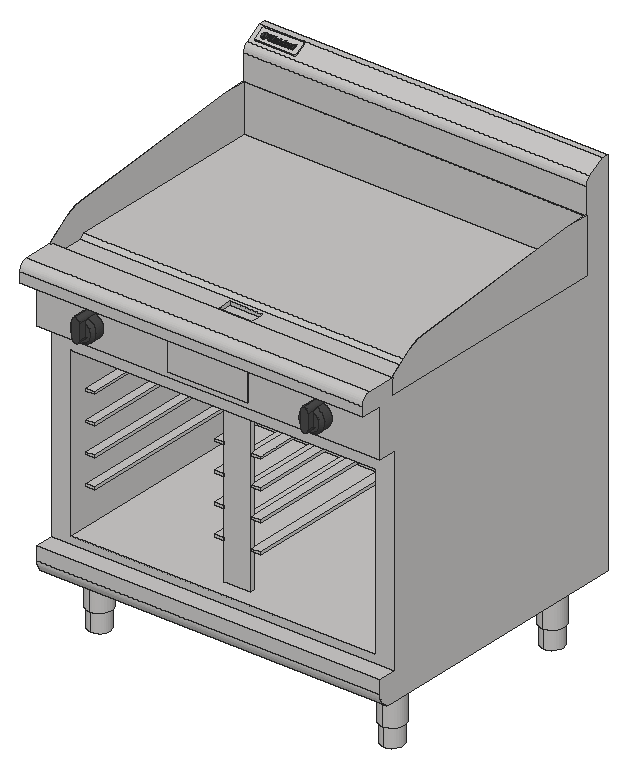
Revit family "QF_MOFFAT WALDORF_GP8900E-CB", category Specialty Equipment, Revit 2012
Parameters
  Weight in Pounds = 348.33  # constant formula
  Width [instance] = 900.00 mm  # constant formula
  Watts = 12000 W
  Volts = 415 V
  URL Cutsheet = "www.moffat.com"
  URL = "www.moffat.com"
  Type Mark [instance] = ""
  Status [instance] = ""
  Specification by User [instance] = ""
  Specification by Manufacturer = ""
  Show Logo [instance] = yes
  Show Casters [instance] = no
  Serial Number = ""
  Seismic Rating = ""
  SMACNA No = ""
  Revision Code [instance] = ""
  Phase = 3
  Omniclass Number and Title = ""
  Number of Poles = 1
  NAFEM Spec ID Number = ""
  Model = "GP8900E-CB"
  Min Ckt Ampacity = 0 A
  Max Overcurrent Protection = 0 A
  Masterspec = ""
  Manufacturer = "MOFFAT WALDORF"
  Legs [instance] = not(Show Casters)  # yes
  Item Number [instance] = ""
  Installed By [instance] = ""
  Identify Quantity as Lot [instance] = yes
  Height = 1130.00 mm  # constant formula
  HP = ""
  Furnished By [instance] = ""
  Foodservice Equipment Identifier [instance] = yes
  FL Amps = 16.6 A
  Elec Conn RI Height = 0.00 mm
  Elec Conn Connection Height = 0.00 mm
  Description = "GRIDDLE PLATE ELECTRIC ON CABINET BASE"
  Depth [instance] = 805.00 mm  # constant formula
  Cycle = 50 Hz
  Conn Plug = ""
  Conn Conduit = yes
  CSI MasterFormat = ""
  CSI Master Format = ""
  Back Splash [instance] = 215.00 mm  # constant formula
  Apparent Power = if(Phase = 3, Volts * FL Amps * 1.73, Volts * FL Amps)  # 11918 VA
Reference planes
  plane 1 "BACK": y = 0
  plane 2: z = 0
  plane 3 "LEFT": x = 0
  plane 4 "RIGHT": x = 900
  plane 5 "FRONT": y = -805
  plane 6 "TOP": z = 1130
  plane 7 "Center Y": x = 450
  plane 8 "Center X": y = -402.5
  plane 9 "Base Height": z = 150
  plane 10: z = 915
  plane 11: x = 65
  plane 12: x = 834
  plane 13: y = -625
  plane 14: y = -100
  plane 15: x = 770
  plane 16: y = -32
  plane 17: z = 710
Forms (mm)
  Extrusion 1, solid, material "QF_Finishes_Stainless Steel"
    sketch origin (0, 0, 0) x (0, 1, 0) y (0, 0, 1)
      loop
        line (-749, 222.5) -> (-749, 188)
        arc (-749, 188) -> (-737.87, 161.13) -> (-711, 150) r 38
        line (-711, 150) -> (-699, 150) -> (-699, 222.5) -> (-749, 222.5)
      loop
        line (-805, 891) -> (-805, 866) -> (-749, 866) -> (-749, 740) -> (-100, 740) -> (-100, 150) -> (0, 150) -> (0, 1130) -> (-16.5, 1130) -> (-58, 1106.04)
        arc (-58, 1106.04) -> (-66.785, 1097.255) -> (-70, 1085.255) r 24
        line (-70, 1085.255) -> (-70, 875) -> (-705, 875) -> (-705, 915) -> (-781, 915)
        arc (-781, 915) -> (-797.971, 907.971) -> (-805, 891) r 24
    from 0 to 900
  Revolve 2, solid, material "QF_Finishes_Stainless Steel", visible <- "Legs"
    sketch origin (834, -210, 0) x (0, 1, 0) y (0, 0, -1)
      loop
        line (78.25, -150) -> (110, -150) -> (110, 0) -> (82.5, 0) -> (82.5, -50) -> (78.25, -50) -> (78.25, -150)
      axis (110, -150) -> (110, 0)
    angle from 0 to 360
  Revolve 3, solid, material "QF_Finishes_Stainless Steel"
    sketch origin (834, -735, 0) x (0, 1, 0) y (0, 0, -1)
      loop
        line (78.25, -150) -> (110, -150) -> (110, 0) -> (82.5, 0) -> (82.5, -50) -> (78.25, -50) -> (78.25, -150)
      axis (110, -150) -> (110, 0)
    angle from 0 to 360
  Revolve 4, solid, material "QF_Finishes_Stainless Steel", visible <- "Legs"
    sketch origin (65, -210, 0) x (0, 1, 0) y (0, 0, -1)
      loop
        line (78.25, -150) -> (110, -150) -> (110, 0) -> (82.5, 0) -> (82.5, -50) -> (78.25, -50) -> (78.25, -150)
      axis (110, -150) -> (110, 0)
    angle from 0 to 360
  Revolve 5, solid, material "QF_Finishes_Stainless Steel"
    sketch origin (65, -735, 0) x (0, 1, 0) y (0, 0, -1)
      loop
        line (78.25, -150) -> (110, -150) -> (110, 0) -> (82.5, 0) -> (82.5, -50) -> (78.25, -50) -> (78.25, -150)
      axis (110, -150) -> (110, 0)
    angle from 0 to 360
  Revolve 6, solid, material "QF_Finishes_Black"
    sketch origin (150, 0, 602.373) x (0, 1, 0) y (0, 0, -1)
      loop
        line (-782, -229.5) -> (-759, -229.5) -> (-759, -202) -> (-749, -202) -> (-749, -197) -> (-793, -197) -> (-793, -223.651) -> (-782, -229.5)
      axis (-793, -197) -> (-749, -197)
    angle from 0 to 360
  Extrusion 7, solid, material "QF_Finishes_Black"
    sketch origin (288.27, 0, 602.531) x (-1, 0, 0) y (0, 0, -1)
      loop
        arc (148.269, -184.969) -> (138.269, -174.969) -> (128.269, -184.969) r 10
        line (128.269, -184.969) -> (128.269, -223.969)
        arc (128.269, -223.969) -> (138.269, -233.969) -> (148.269, -223.969) r 10
        line (148.269, -223.969) -> (148.269, -184.969)
    from 759 to 808
  Extrusion 8, solid, material "QF_Finishes_Stainless Steel"
    sketch origin (-295, -749, 866) x (0, 0, -1) y (1, 0, 0)
      loop
        line (24, 640) -> (111, 640) -> (111, 850) -> (24, 850) -> (24, 640)
    from 0 to 2.5
  Extrusion 9, solid, material "QF_Finishes_Stainless Steel"
    sketch origin (-295, -751.5, 866) x (0, 0, -1) y (1, 0, 0)
      loop
        line (31, 850) -> (24, 850) -> (24, 640) -> (31, 640) -> (31, 850)
    from 0 to 5
  Extrusion 10, solid, material "QF_Finishes_Stainless Steel"
    sketch origin (0, 0, 740) x (0, -1, 0) y (-1, 0, 0)
      loop
        circle (32, -770) r 10
    from 0 to 30
  Revolve 11, solid, material "QF_Finishes_Black"
    sketch origin (750, 0, 602.373) x (0, 1, 0) y (0, 0, 1)
      loop
        line (-782, 229.5) -> (-793, 223.651) -> (-793, 197) -> (-749, 197) -> (-749, 202) -> (-759, 202) -> (-759, 229.5) -> (-782, 229.5)
      axis (-793, 197) -> (-749, 197)
    angle from 0 to 360
  Extrusion 12, solid, material "QF_Finishes_Black"
    sketch origin (611.73, 0, 602.531) x (1, 0, 0) y (0, 0, 1)
      loop
        line (148.269, 184.969) -> (148.269, 223.969)
        arc (148.269, 223.969) -> (138.269, 233.969) -> (128.269, 223.969) r 10
        line (128.269, 223.969) -> (128.269, 184.969)
        arc (128.269, 184.969) -> (138.269, 174.969) -> (148.269, 184.969) r 10
    from 759 to 808
  Extrusion 13, solid, material "QF_Finishes_Stainless Steel"
    sketch origin (0, -100, 866) x (0, 0, 1) y (-1, 0, 0)
      loop
        line (-126, 0) -> (-716, 0) -> (-716, -900) -> (-126, -900) -> (-126, 0)
      loop
        line (-186, -50) -> (-623.5, -50) -> (-623.5, -850) -> (-186, -850) -> (-186, -50)
    from 0 to 599
  Extrusion 14, solid, material "QF_Finishes_Stainless Steel"
    sketch origin (0, -100, 866) x (0, 0, 1) y (-1, 0, 0)
      loop
        line (-186, -485.5) -> (-186, -414.5) -> (-623.5, -414.5) -> (-623.5, -485.5) -> (-186, -485.5)
    from 543.302 to 553.302
  Extrusion 15, solid, material "QF_Finishes_Stainless Steel"
    sketch origin (0, -100, 866) x (0, 0, 1) y (-1, 0, 0)
      loop
        line (-377.25, -414.5) -> (-370.9, -414.5) -> (-370.9, -389.5) -> (-377.25, -389.5) -> (-377.25, -414.5)
      loop
        line (-452.25, -414.5) -> (-445.9, -414.5) -> (-445.9, -389.5) -> (-452.25, -389.5) -> (-452.25, -414.5)
      loop
        line (-452.25, -50) -> (-452.25, -75) -> (-445.9, -75) -> (-445.9, -50) -> (-452.25, -50)
      loop
        line (-370.9, -75) -> (-370.9, -50) -> (-377.25, -50) -> (-377.25, -75) -> (-370.9, -75)
      loop
        line (-527.25, -414.5) -> (-520.9, -414.5) -> (-520.9, -389.5) -> (-527.25, -389.5) -> (-527.25, -414.5)
      loop
        line (-527.25, -50) -> (-527.25, -75) -> (-520.9, -75) -> (-520.9, -50) -> (-527.25, -50)
      loop
        line (-302.25, -414.5) -> (-295.9, -414.5) -> (-295.9, -389.5) -> (-302.25, -389.5) -> (-302.25, -414.5)
      loop
        line (-295.9, -75) -> (-295.9, -50) -> (-302.25, -50) -> (-302.25, -75) -> (-295.9, -75)
      loop
        line (-377.25, -485.5) -> (-377.25, -510.5) -> (-370.9, -510.5) -> (-370.9, -485.5) -> (-377.25, -485.5)
      loop
        line (-452.25, -485.5) -> (-452.25, -510.5) -> (-445.9, -510.5) -> (-445.9, -485.5) -> (-452.25, -485.5)
      loop
        line (-452.25, -850) -> (-445.9, -850) -> (-445.9, -825) -> (-452.25, -825) -> (-452.25, -850)
      loop
        line (-370.9, -825) -> (-377.25, -825) -> (-377.25, -850) -> (-370.9, -850) -> (-370.9, -825)
      loop
        line (-527.25, -485.5) -> (-527.25, -510.5) -> (-520.9, -510.5) -> (-520.9, -485.5) -> (-527.25, -485.5)
      loop
        line (-527.25, -850) -> (-520.9, -850) -> (-520.9, -825) -> (-527.25, -825) -> (-527.25, -850)
      loop
        line (-302.25, -485.5) -> (-302.25, -510.5) -> (-295.9, -510.5) -> (-295.9, -485.5) -> (-302.25, -485.5)
      loop
        line (-295.9, -825) -> (-302.25, -825) -> (-302.25, -850) -> (-295.9, -850) -> (-295.9, -825)
    from 0 to 553.302
  Extrusion 16, void
    sketch origin (0, 0, 150) x (-1, 0, 0) y (0, -1, 0)
      loop
        line (-832.738, 87.26) -> (-832.738, -30.24) -> (-703.238, -30.24) -> (-703.238, 38.76) -> (-751.738, 87.26) -> (-832.738, 87.26)
    from 72.5 to 590
Cuts and joins
  joined: Extrusion 8, Extrusion 9
  Extrusion 16 cuts Extrusion 1
  joined: Extrusion 1, Extrusion 13
Lines and regions (mm)
  Split face 1
    outline origin (12.5, -16.5, 1130) x (0, -0.866025, -0.5) y (1, 0, 0)
      loop
        line (5.391, 151.462) -> (40.361, 151.462) -> (40.361, 169.241) -> (5.391, 169.241) -> (5.391, 151.462)
  Split face 2
    outline origin (66.25, -16.5, 1130) x (0, -0.866025, -0.5) y (1, 0, 0)
      loop
        line (5.391, 151.462) -> (40.361, 151.462) -> (40.361, 169.241) -> (5.391, 169.241) -> (5.391, 151.462)
  Split face 3
    outline origin (120, -16.5, 1130) x (0, -0.866025, -0.5) y (1, 0, 0)
      loop
        line (5.391, 151.462) -> (40.361, 151.462) -> (40.361, 169.241) -> (5.391, 169.241) -> (5.391, 151.462)
  Split face 4
    outline origin (-121.25, -16.5, 1130) x (0, -0.866025, -0.5) y (1, 0, 0)
      loop
        line (5.391, 451.462) -> (40.361, 451.462) -> (40.361, 469.241) -> (5.391, 469.241) -> (5.391, 451.462)
  Split face 5
    outline origin (-67.5, -16.5, 1130) x (0, -0.866025, -0.5) y (1, 0, 0)
      loop
        line (5.391, 451.462) -> (40.361, 451.462) -> (40.361, 469.241) -> (5.391, 469.241) -> (5.391, 451.462)
  Split face 6
    outline origin (-13.75, -16.5, 1130) x (0, -0.866025, -0.5) y (1, 0, 0)
      loop
        line (5.391, 451.462) -> (40.361, 451.462) -> (40.361, 469.241) -> (5.391, 469.241) -> (5.391, 451.462)
  Split face 7
    outline origin (40, -16.5, 1130) x (0, -0.866025, -0.5) y (1, 0, 0)
      loop
        line (5.391, 451.462) -> (40.361, 451.462) -> (40.361, 469.241) -> (5.391, 469.241) -> (5.391, 451.462)
  Split face 8
    outline origin (95, -16.5, 1130) x (0, -0.866025, -0.5) y (1, 0, 0)
      loop
        line (5.391, 451.462) -> (40.361, 451.462) -> (40.361, 469.241) -> (5.391, 469.241) -> (5.391, 451.462)
  Split face 9
    outline origin (150, -16.5, 1130) x (0, -0.866025, -0.5) y (1, 0, 0)
      loop
        line (5.391, 451.462) -> (40.361, 451.462) -> (40.361, 469.241) -> (5.391, 469.241) -> (5.391, 451.462)
  Split face 10
    outline origin (205, -16.5, 1130) x (0, -0.866025, -0.5) y (1, 0, 0)
      loop
        line (5.391, 451.462) -> (40.361, 451.462) -> (40.361, 469.241) -> (5.391, 469.241) -> (5.391, 451.462)
  symbolic lines
    curve 1: line (0, 0, 0) -> (0, -805, 0)
    curve 2: line (900, 0, 0) -> (0, 0, 0)
    curve 3: line (900, -805, 0) -> (900, 0, 0)
    curve 4: line (0, -70, 0) -> (900, -70, 0)
    curve 5: line (0, -805, 0) -> (900, -805, 0)
    curve 6: line (12.5, -20.958, 0) -> (121.5, -20.958, 0)
    curve 7: line (12.5, -51.234, 0) -> (12.5, -20.958, 0)
    curve 8: line (121.5, -20.958, 0) -> (121.5, -51.234, 0)
    curve 9: line (12.5, -51.234, 0) -> (121.5, -51.234, 0)
    curve 10: line (181.741, -21.168, 0) -> (181.741, -51.453, 0)
    curve 11: line (181.741, -51.453, 0) -> (163.962, -51.453, 0)
    curve 12: line (163.962, -51.453, 0) -> (163.962, -21.168, 0)
    curve 13: line (163.962, -21.168, 0) -> (181.741, -21.168, 0)
    curve 14: line (217.712, -51.453, 0) -> (217.712, -21.168, 0)
    curve 15: line (217.712, -21.168, 0) -> (235.491, -21.168, 0)
    curve 16: line (235.491, -21.168, 0) -> (235.491, -51.453, 0)
    curve 17: line (235.491, -51.453, 0) -> (217.712, -51.453, 0)
    curve 18: line (271.462, -51.453, 0) -> (271.462, -21.168, 0)
    curve 19: line (271.462, -21.168, 0) -> (289.241, -21.168, 0)
    curve 20: line (289.241, -21.168, 0) -> (289.241, -51.453, 0)
    curve 21: line (289.241, -51.453, 0) -> (271.462, -51.453, 0)
    curve 22: line (330.212, -51.453, 0) -> (330.212, -21.168, 0)
    curve 23: line (330.212, -21.168, 0) -> (347.991, -21.168, 0)
    curve 24: line (347.991, -21.168, 0) -> (347.991, -51.453, 0)
    curve 25: line (347.991, -51.453, 0) -> (330.212, -51.453, 0)
    curve 26: line (383.962, -51.453, 0) -> (401.741, -51.453, 0)
    curve 27: line (401.741, -51.453, 0) -> (401.741, -21.168, 0)
    curve 28: line (401.741, -21.168, 0) -> (383.962, -21.168, 0)
    curve 29: line (383.962, -21.168, 0) -> (383.962, -51.453, 0)
    curve 30: line (437.712, -51.453, 0) -> (455.491, -51.453, 0)
    curve 31: line (455.491, -51.453, 0) -> (455.491, -21.168, 0)
    curve 32: line (455.491, -21.168, 0) -> (437.712, -21.168, 0)
    curve 33: line (437.712, -21.168, 0) -> (437.712, -51.453, 0)
    curve 34: line (491.462, -51.453, 0) -> (509.241, -51.453, 0)
    curve 35: line (509.241, -51.453, 0) -> (509.241, -21.168, 0)
    curve 36: line (509.241, -21.168, 0) -> (491.462, -21.168, 0)
    curve 37: line (491.462, -21.168, 0) -> (491.462, -51.453, 0)
    curve 38: line (546.462, -51.453, 0) -> (564.241, -51.453, 0)
    curve 39: line (564.241, -51.453, 0) -> (564.241, -21.168, 0)
    curve 40: line (564.241, -21.168, 0) -> (546.462, -21.168, 0)
    curve 41: line (546.462, -21.168, 0) -> (546.462, -51.453, 0)
    curve 42: line (601.462, -51.453, 0) -> (619.241, -51.453, 0)
    curve 43: line (619.241, -51.453, 0) -> (619.241, -21.168, 0)
    curve 44: line (619.241, -21.168, 0) -> (601.462, -21.168, 0)
    curve 45: line (601.462, -21.168, 0) -> (601.462, -51.453, 0)
    curve 46: line (656.462, -51.453, 0) -> (674.241, -51.453, 0)
    curve 47: line (674.241, -51.453, 0) -> (674.241, -21.168, 0)
    curve 48: line (674.241, -21.168, 0) -> (656.462, -21.168, 0)
    curve 49: line (656.462, -21.168, 0) -> (656.462, -51.453, 0)
Dimensions and locks
  equal spacing: plane 3 "LEFT", plane 7 "Center Y", plane 4 "RIGHT"
  "Width": plane 3 "LEFT" to plane 4 "RIGHT"
  equal spacing: plane 5 "FRONT", plane 8 "Center X", plane 1 "BACK"
  "Depth": plane 5 "FRONT" to plane 1 "BACK"
  locked: plane 10 to level at 915
  locked: plane 9 "Base Height" to level at 150
  plane 6 "TOP" to nested 1 to nested 1 to plane 10 = 1.099 mm locked, 17.226 mm locked, 196.675 mm
  plane 13 to plane 14 = 525.00 mm
  "Height": plane 6 "TOP" to level
  plane 15 to plane 4 "RIGHT" = 130.00 mm
  plane 16 to plane 1 "BACK" = 32.00 mm
  plane 17 to level = 710.00 mm
  aligned and locked: level to plane 2
Automatic sketch dimensions
  plane 1 "BACK" to curve 1 = 0.00 mm
  curve 1 to plane 3 "LEFT" = 0.00 mm
  curve 2 to plane 4 "RIGHT" = 0.00 mm
  plane 5 "FRONT" to curve 5 = 0.00 mm
  plane 3 "LEFT" to curve 6 = 12.50 mm
  curve 9 to plane 16 = 19.234 mm
  plane 11 to curve 9 = 56.50 mm
  plane 16 to curve 12 = 10.832 mm
  curve 6 to curve 12 = 42.462 mm
  curve 12 to curve 13 = 17.779 mm
  curve 10 to curve 14 = 35.971 mm
  curve 14 to curve 15 = 17.779 mm
  plane 16 to curve 19 = 10.832 mm
  curve 15 to curve 19 = 35.971 mm
  curve 18 to curve 20 = 17.779 mm
  curve 22 to plane 16 = 19.453 mm
  curve 20 to curve 22 = 40.971 mm
  curve 22 to curve 24 = 17.779 mm
  plane 16 to curve 29 = 10.832 mm
  curve 23 to curve 29 = 35.971 mm
  curve 28 to curve 27 = 17.779 mm
  curve 33 to plane 7 "Center Y" = 12.288 mm
  plane 7 "Center Y" to curve 31 = 5.491 mm
  plane 16 to curve 36 = 10.832 mm
  curve 31 to curve 36 = 35.971 mm
  curve 36 to curve 36 = 17.779 mm
  plane 16 to curve 40 = 10.832 mm
  curve 35 to curve 40 = 37.221 mm
  curve 40 to curve 40 = 17.779 mm
  curve 38 to curve 45 = 37.221 mm
  curve 44 to curve 43 = 17.779 mm
  plane 16 to curve 48 = 10.832 mm
  curve 43 to curve 48 = 37.221 mm
  curve 48 to curve 48 = 17.779 mm
  curve 4 to curve 7 = 18.766 mm
  curve 46 to plane 16 = 19.453 mm
  curve 45 to plane 16 = 19.453 mm
  curve 41 to plane 16 = 19.453 mm
  curve 37 to plane 16 = 19.453 mm
  curve 10 to plane 16 = 19.453 mm
  curve 14 to plane 16 = 19.453 mm
  curve 33 to plane 16 = 19.453 mm
  curve 18 to plane 16 = 19.453 mm
  curve 29 to plane 16 = 19.453 mm
  plane 16 to curve 16 = 10.832 mm
  plane 16 to curve 22 = 10.832 mm
  plane 16 to curve 32 = 10.832 mm
  plane 16 to curve 43 = 10.832 mm
  plane 16 to curve 7 = 11.042 mm
  Revolve 2 sketch curve to plane 9 "Base Height" = 0.00 mm
  Revolve 2 sketch curve to level = 0.00 mm
  Revolve 2 sketch curve to plane 14 = 0.00 mm  (x2)
  Revolve 2 sketch curve to plane 14 = 27.50 mm
  Revolve 2 sketch curve to plane 14 = 31.75 mm
  level to Revolve 2 sketch curve = 50.00 mm
  Revolve 2 sketch curve to Revolve 2 sketch curve = 0.00 mm
  Revolve 2 sketch curve to Revolve 2 sketch curve = 55.00 mm
  Revolve 3 sketch curve to plane 9 "Base Height" = 0.00 mm
  Revolve 3 sketch curve to level = 0.00 mm
  Revolve 3 sketch curve to plane 13 = 0.00 mm  (x2)
  Revolve 3 sketch curve to plane 13 = 27.50 mm
  Revolve 3 sketch curve to plane 13 = 31.75 mm
  level to Revolve 3 sketch curve = 50.00 mm
  Revolve 3 sketch curve to Revolve 3 sketch curve = 0.00 mm
  Revolve 3 sketch curve to Revolve 3 sketch curve = 55.00 mm
  Revolve 4 sketch curve to plane 9 "Base Height" = 0.00 mm
  Revolve 4 sketch curve to level = 0.00 mm
  Revolve 4 sketch curve to plane 14 = 0.00 mm  (x2)
  Revolve 4 sketch curve to plane 14 = 27.50 mm
  Revolve 4 sketch curve to plane 14 = 31.75 mm
  level to Revolve 4 sketch curve = 50.00 mm
  Revolve 4 sketch curve to Revolve 4 sketch curve = 0.00 mm
  Revolve 4 sketch curve to Revolve 4 sketch curve = 55.00 mm
  Revolve 5 sketch curve to plane 9 "Base Height" = 0.00 mm
  Revolve 5 sketch curve to level = 0.00 mm
  Revolve 5 sketch curve to plane 13 = 0.00 mm  (x2)
  Revolve 5 sketch curve to plane 13 = 27.50 mm
  Revolve 5 sketch curve to plane 13 = 31.75 mm
  level to Revolve 5 sketch curve = 50.00 mm
  Revolve 5 sketch curve to Revolve 5 sketch curve = 0.00 mm
  Revolve 5 sketch curve to Revolve 5 sketch curve = 55.00 mm
  Extrusion 1 to Split face 1 sketch curve = 5.391 mm
  Split face 1 sketch curve to Extrusion 1 = 7.559 mm
  Split face 1 sketch curve to Extrusion 1 = 163.962 mm
  Split face 1 sketch curve to Split face 1 sketch curve = 17.779 mm
  Extrusion 1 to Split face 2 sketch curve = 5.391 mm
  Split face 2 sketch curve to Extrusion 1 = 7.559 mm
  Split face 2 sketch curve to Extrusion 1 = 217.712 mm
  Split face 2 sketch curve to Split face 2 sketch curve = 17.779 mm
  Extrusion 1 to Split face 3 sketch curve = 5.391 mm
  Split face 3 sketch curve to Extrusion 1 = 7.559 mm
  Split face 3 sketch curve to Extrusion 1 = 271.462 mm
  Split face 3 sketch curve to Split face 3 sketch curve = 17.779 mm
  Extrusion 1 to Split face 4 sketch curve = 5.391 mm
  Split face 4 sketch curve to Extrusion 1 = 7.559 mm
  Split face 4 sketch curve to Extrusion 1 = 330.212 mm
  Split face 4 sketch curve to Split face 4 sketch curve = 17.779 mm
  Extrusion 1 to Split face 5 sketch curve = 5.391 mm
  Split face 5 sketch curve to Extrusion 1 = 7.559 mm
  Split face 5 sketch curve to Extrusion 1 = 383.962 mm
  Split face 5 sketch curve to Split face 5 sketch curve = 17.779 mm
  Extrusion 1 to Split face 6 sketch curve = 5.391 mm
  Split face 6 sketch curve to Extrusion 1 = 7.559 mm
  Split face 6 sketch curve to Extrusion 1 = 437.712 mm
  Split face 6 sketch curve to Split face 6 sketch curve = 17.779 mm
  Extrusion 1 to Split face 7 sketch curve = 5.391 mm
  Split face 7 sketch curve to Extrusion 1 = 7.559 mm
  Split face 7 sketch curve to Extrusion 1 = 408.538 mm
  Split face 7 sketch curve to Split face 7 sketch curve = 17.779 mm
  Revolve 6 sketch curve to plane 5 "FRONT" = 12.00 mm
  Revolve 6 sketch curve to Revolve 6 sketch curve = 0.00 mm  (x2)
  Revolve 6 sketch curve to Revolve 6 sketch curve = 11.00 mm
  Revolve 6 sketch curve to Revolve 6 sketch curve = 12.70 mm
  Revolve 6 sketch curve to Revolve 6 sketch curve = 23.00 mm
  Revolve 6 sketch curve to Revolve 6 sketch curve = 10.00 mm
  Revolve 6 sketch curve to plane 10 = 83.127 mm
  Revolve 6 sketch curve to Revolve 6 sketch curve = 5.849 mm
  Revolve 6 sketch curve to Revolve 6 sketch curve = 27.50 mm
  Revolve 6 sketch curve to Revolve 6 sketch curve = 5.00 mm
  plane 11 to Extrusion 7 sketch curve = 95.001 mm
  Extrusion 7 sketch curve to Extrusion 7 sketch curve = 10.00 mm
  Extrusion 7 sketch curve to plane 10 = 88.50 mm
  Extrusion 7 sketch curve to Extrusion 7 sketch curve = 39.00 mm
  Extrusion 1 to Extrusion 8 sketch curve = 24.00 mm
  Extrusion 8 sketch curve to Extrusion 1 = 15.00 mm
  Extrusion 1 to Extrusion 8 sketch curve = 345.00 mm
  Extrusion 8 sketch curve to Extrusion 8 sketch curve = 210.00 mm
  Extrusion 9 sketch curve to Extrusion 8 = 0.00 mm  (x2)
  Extrusion 8 to Extrusion 9 sketch curve = 0.00 mm
  Extrusion 9 sketch curve to Extrusion 8 = 7.00 mm
  Revolve 11 sketch curve to plane 5 "FRONT" = 12.00 mm
  Revolve 11 sketch curve to Revolve 11 sketch curve = 0.00 mm  (x2)
  Revolve 11 sketch curve to Revolve 11 sketch curve = 11.00 mm
  Revolve 11 sketch curve to Revolve 11 sketch curve = 12.70 mm
  Revolve 11 sketch curve to Revolve 11 sketch curve = 23.00 mm
  Revolve 11 sketch curve to Revolve 11 sketch curve = 10.00 mm
  Revolve 11 sketch curve to plane 10 = 115.627 mm
  Revolve 11 sketch curve to Revolve 11 sketch curve = 5.00 mm
  Revolve 11 sketch curve to Revolve 11 sketch curve = 26.651 mm
  Revolve 11 sketch curve to Revolve 11 sketch curve = 5.849 mm
  Extrusion 12 sketch curve to plane 15 = 30.001 mm
  Extrusion 12 sketch curve to Extrusion 12 sketch curve = 10.00 mm
  Extrusion 12 sketch curve to plane 10 = 127.50 mm
  Extrusion 12 sketch curve to Extrusion 12 sketch curve = 39.00 mm
  Extrusion 1 to Split face 8 sketch curve = 5.391 mm
  Split face 8 sketch curve to Extrusion 1 = 7.559 mm
  Split face 8 sketch curve to Extrusion 1 = 353.538 mm
  Split face 8 sketch curve to Split face 8 sketch curve = 17.779 mm
  Extrusion 1 to Split face 9 sketch curve = 5.391 mm
  Split face 9 sketch curve to Extrusion 1 = 7.559 mm
  Split face 9 sketch curve to Extrusion 1 = 298.538 mm
  Split face 9 sketch curve to Split face 9 sketch curve = 17.779 mm
  Extrusion 1 to Split face 10 sketch curve = 5.391 mm
  Split face 10 sketch curve to Extrusion 1 = 7.559 mm
  Split face 10 sketch curve to Extrusion 1 = 243.538 mm
  Split face 10 sketch curve to Split face 10 sketch curve = 17.779 mm
  Extrusion 1 sketch curve to plane 5 "FRONT" = 0.00 mm
  Extrusion 1 sketch curve to plane 10 = 0.00 mm
  Extrusion 1 sketch curve to plane 9 "Base Height" = 0.00 mm
  Extrusion 1 sketch curve to plane 6 "TOP" = 0.00 mm
  Extrusion 1 sketch curve to plane 1 "BACK" = 0.00 mm
  Extrusion 1 sketch curve to plane 5 "FRONT" = 24.00 mm
  Extrusion 1 sketch curve to Extrusion 1 sketch curve = 32.00 mm
  Extrusion 1 sketch curve to plane 5 "FRONT" = 56.00 mm
  Extrusion 1 sketch curve to Extrusion 1 sketch curve = 38.00 mm
  Extrusion 1 sketch curve to Extrusion 1 sketch curve = 44.00 mm
  plane 14 to Extrusion 1 sketch curve = 30.00 mm
  Extrusion 1 sketch curve to Extrusion 1 sketch curve = 12.00 mm  (x2)
  Extrusion 1 sketch curve to plane 16 = 14.00 mm
  plane 16 to Extrusion 1 sketch curve = 15.50 mm
  Extrusion 1 sketch curve to Extrusion 1 sketch curve = 34.50 mm
  Extrusion 1 sketch curve to Extrusion 1 sketch curve = 25.00 mm
  Extrusion 1 sketch curve to plane 10 = 40.00 mm
  Extrusion 1 sketch curve to plane 6 "TOP" = 44.745 mm
  plane 9 "Base Height" to Extrusion 1 sketch curve = 0.00 mm
  Extrusion 1 sketch curve to plane 14 = 0.00 mm
  Extrusion 13 sketch curve to Extrusion 1 = 0.00 mm  (x4)
  Extrusion 13 sketch curve to Extrusion 1 = 92.50 mm
  Extrusion 1 to Extrusion 13 sketch curve = 60.00 mm
  Extrusion 1 to Extrusion 13 sketch curve = 50.00 mm  (x2)
  Extrusion 14 sketch curve to Extrusion 1 = 92.50 mm
  Extrusion 1 to Extrusion 14 sketch curve = 60.00 mm
  Extrusion 1 to Extrusion 14 sketch curve = 414.50 mm
  Extrusion 14 sketch curve to Extrusion 14 sketch curve = 71.00 mm
  Extrusion 1 to Extrusion 15 sketch curve = 75.00 mm  (x2)
  Extrusion 15 sketch curve to Extrusion 1 = 188.75 mm  (x3)
  Extrusion 15 sketch curve to Extrusion 15 sketch curve = 0.00 mm  (x6)
  Extrusion 1 to Extrusion 15 sketch curve = 50.00 mm  (x4)
  Extrusion 15 sketch curve to Extrusion 15 sketch curve = 6.35 mm  (x16)
  Extrusion 15 sketch curve to Extrusion 15 sketch curve = 68.65 mm  (x12)
  Extrusion 15 sketch curve to Extrusion 15 sketch curve = 25.00 mm  (x16)
  Extrusion 15 sketch curve to Extrusion 15 sketch curve = 314.50 mm
  Extrusion 15 sketch curve to Extrusion 15 sketch curve = 71.00 mm  (x4)
  plane 12 to Extrusion 16 sketch curve = 1.262 mm
  Extrusion 16 sketch curve to plane 15 = 18.262 mm
  Extrusion 16 sketch curve to plane 16 = 6.76 mm
  Extrusion 16 sketch curve to plane 15 = 66.762 mm
  Extrusion 16 sketch curve to plane 1 "BACK" = 30.24 mm
  plane 14 to Extrusion 16 sketch curve = 12.74 mm
  Extrusion 1 sketch curve to Extrusion 1 sketch curve = 126.00 mm
  Extrusion 16 to Extrusion 10 sketch curve = 62.738 mm
  Extrusion 16 to Extrusion 10 sketch curve = 55.26 mm
  radius of Extrusion 10 sketch curve = 10.00 mm
Nested families
  nested 1: "WALDORF-LOGO" at (12.5, -35.273, 1102.604), visible <- "Show Logo", type "WALDORF-LOGO", detail levels medium+fine
    with Type Mark "", Status "", Specification by User "", Revision Code "", Item Number "", Installed By "", Identify Quantity as Lot yes, Furnished By "", Foodservice Equipment Identifier yes
  nested 2: "GP8900E-CB-CASTERS" at (65, -127.5, 0), Show Casters <- "Show Casters", visible <- "Show Casters", type "GP8600E-CB-CASTERS"
    with Type Mark "", Status "", Specification by User "", Show Casters no, Revision Code "", Item Number "", Installed By "", Identify Quantity as Lot yes, Furnished By "", Foodservice Equipment Identifier yes
  nested 3: "GP8900E-CB-CASTERS" at (835, -127.5, 0), Show Casters <- "Show Casters", visible <- "Show Casters", type "GP8600E-CB-CASTERS"
    with Type Mark "", Status "", Specification by User "", Show Casters no, Revision Code "", Item Number "", Installed By "", Identify Quantity as Lot yes, Furnished By "", Foodservice Equipment Identifier yes
  nested 4: "GAS GRIDDLE PLATE" at (0, -70, 875), type "GAS GRIDDLE PLATE"
    with Type Mark "", Status "", Specification by User "", Show Clearance yes, Revision Code "", Number of Poles 1, Mechanical Remarks "", Mechanical Connection Type "", Item Number "", Installed By "", Identify Quantity as Lot yes, Gas RI Height 0.00 mm, Gas KW 0, Gas Input 0.0 Btu/h, Furnished By "", Foodservice Equipment Identifier yes, Electrical Remarks "", Electric Connection Type "", Elec Conn RI Height 0.00 mm, Elec Conn Connection Height 0.00 mm
Connectors
  electrical at (770, -32, 710), driven by "Volts", driven by "Watts"
    settings: on Extrusion 10, index 1, voltage 415 V, apparent load 12000 VA, apparent load phase1 0 VA, apparent load phase2 0 VA, apparent load phase3 0 VA, power factor 1, load classification "Other", number of poles 1, system type 30, power factor state 1, is connector primary yes, connector utility no, sub classification motor no, connector description "ELECTRICAL CONNECTION"
Definition of nested family "WALDORF-LOGO"
  Parameters (values of type "BT8300-CB-LOGO")
    Weight in Pounds = 0
    URL Cutsheet = ""
    Type Mark [instance] = ""
    Status [instance] = ""
    Specification by User [instance] = ""
    Specification by Manufacturer = ""
    Show Logo [instance] = yes
    Serial Number = ""
    Seismic Rating = ""
    SMACNA No = ""
    Revision Code [instance] = ""
    Omniclass Number and Title = ""
    NAFEM Spec ID Number = ""
    Masterspec = ""
    Item Number [instance] = ""
    Installed By [instance] = ""
    Identify Quantity as Lot [instance] = yes
    Furnished By [instance] = ""
    Foodservice Equipment Identifier [instance] = yes
    CSI MasterFormat = ""
    CSI Master Format = ""
  Reference planes
    plane 1 "BACK": y = 0
    plane 2: z = 0
    plane 3 "LEFT": x = 0
    plane 4 "RIGHT": x = 109
    plane 5 "FRONT": y = -1.588
    plane 6 "TOP": z = 34.14
    plane 7 "Center Y": x = 54.5
    plane 8 "Center X": y = -0.794
  Forms (mm)
    Extrusion 1, solid, material "QF_Finishes_Stainless Steel", visible <- "Show Logo"
      sketch origin (0, -15.16, 7.701) x (1, 0, 0) y (0, 0.863373, 0.504566)
        loop
          arc (5, 34.14) -> (1.464, 32.676) -> (0, 29.14) r 5
          line (0, 29.14) -> (0, 5)
          arc (0, 5) -> (1.464, 1.464) -> (5, 0) r 5
          line (5, 0) -> (104, 0)
          arc (104, 0) -> (107.536, 1.464) -> (109, 5) r 5
          line (109, 5) -> (109, 29.14)
          arc (109, 29.14) -> (107.536, 32.676) -> (104, 34.14) r 5
          line (104, 34.14) -> (5, 34.14)
      from 0 to 1.588
    Extrusion 2, solid, material "QF_Finishes_Black", visible <- "Show Logo"
      sketch origin (0, -15.961, 9.072) x (1, 0, 0) y (0, 0.863373, 0.504566)
        loop
          line (24.772, 23.214) -> (27.992, 10.301) -> (31.551, 10.301) -> (33.443, 17.364) -> (35.205, 10.301) -> (39.332, 10.301) -> (42.077, 23.214) -> (38.352, 23.214) -> (36.676, 15.33) -> (35, 23.214) -> (31.752, 23.214) -> (30.076, 15.33) -> (28.4, 23.214) -> (24.772, 23.214)
        loop
          line (42.272, 17.055) -> (45.703, 17.055)
          spline (45.703, 17.055) -> (45.741, 17.285) -> (45.852, 17.499) -> (46.028, 17.682) -> (46.258, 17.823) -> (46.526, 17.912) -> (46.813, 17.942) -> (47.1, 17.912) -> (47.368, 17.823) -> (47.597, 17.682) -> (47.774, 17.499) -> (47.884, 17.285) -> (47.922, 17.055)
          line (47.922, 17.055) -> (47.922, 16.222)
          arc (47.922, 16.222) -> (45.742, 16.014) -> (43.665, 15.317) r 9.604
          arc (43.665, 15.317) -> (41.924, 12.809) -> (43.665, 10.301) r 2.677
          arc (43.665, 10.301) -> (45.527, 10.353) -> (47.332, 10.816) r 8.365
          line (47.332, 10.816) -> (48.092, 11.105) -> (48.092, 10.301) -> (51.817, 10.301) -> (51.817, 17.055)
          spline (51.817, 17.055) -> (51.654, 17.821) -> (51.178, 18.535) -> (50.419, 19.148) -> (49.431, 19.619) -> (48.28, 19.914) -> (47.044, 20.015) -> (45.809, 19.914) -> (44.658, 19.619) -> (43.67, 19.148) -> (42.911, 18.535) -> (42.434, 17.821) -> (42.272, 17.055)
        loop
          line (53.151, 23.214) -> (53.151, 10.301) -> (57.37, 10.301) -> (57.37, 23.214) -> (53.151, 23.214)
        loop
          line (64.874, 23.214) -> (64.874, 18.857)
          arc (64.874, 18.857) -> (58.083, 15.11) -> (64.874, 11.363) r 4.429
          line (64.874, 11.363) -> (64.874, 10.301) -> (68.378, 10.301) -> (68.378, 23.214) -> (64.874, 23.214)
        loop
          arc (64.874, 16.083) -> (61.41, 14.987) -> (64.874, 13.891) r 1.905
          line (64.874, 13.891) -> (64.874, 16.083)
        loop
          circle (74.623, 15.223) r 5
        loop
          spline (74.623, 17.856) -> (74.355, 17.766) -> (74.105, 17.503) -> (73.891, 17.084) -> (73.726, 16.539) -> (73.623, 15.904) -> (73.588, 15.223) -> (73.623, 14.541) -> (73.726, 13.906) -> (73.891, 13.361) -> (74.105, 12.942) -> (74.355, 12.679) -> (74.623, 12.59)
          spline (74.623, 12.59) -> (74.891, 12.679) -> (75.141, 12.942) -> (75.355, 13.361) -> (75.52, 13.906) -> (75.623, 14.541) -> (75.659, 15.223) -> (75.623, 15.904) -> (75.52, 16.539) -> (75.355, 17.084) -> (75.141, 17.503) -> (74.891, 17.766) -> (74.623, 17.856)
        loop
          line (81.255, 19.813) -> (81.255, 10.301) -> (84.834, 10.301) -> (84.834, 14.176)
          arc (84.834, 14.176) -> (85.854, 16.093) -> (88.013, 16.32) r 2.313
          line (88.013, 16.32) -> (88.013, 19.813) -> (87.161, 19.813)
          arc (87.161, 19.813) -> (85.526, 19.266) -> (84.549, 17.844) r 2.717
          line (84.549, 17.844) -> (84.549, 19.813) -> (81.255, 19.813)
        loop
          line (90.249, 19.813) -> (88.91, 19.813) -> (88.91, 17.614) -> (90.249, 17.614) -> (90.249, 10.301) -> (93.998, 10.301) -> (93.998, 17.614) -> (95.418, 17.614) -> (95.418, 19.813) -> (93.998, 19.813)
          arc (93.998, 19.813) -> (94.414, 20.817) -> (95.418, 21.233) r 1.42
          line (95.418, 21.233) -> (95.418, 23.602) -> (93.317, 23.602)
          arc (93.317, 23.602) -> (91.343, 22.903) -> (90.249, 21.118) r 3.137
          line (90.249, 21.118) -> (90.249, 19.813)
        loop
          arc (15.241, 23.571) -> (8.392, 16.525) -> (15.241, 9.479) r 7.049
          line (15.241, 9.479) -> (15.241, 23.571)
        loop
          line (15.641, 23.571) -> (15.641, 9.479)
          arc (15.641, 9.479) -> (22.49, 16.525) -> (15.641, 23.571) r 7.049
        loop
          arc (47.922, 14.711) -> (46.266, 13.749) -> (47.922, 12.787) r 1.107
          line (47.922, 12.787) -> (47.922, 14.711)
      from 0 to 0.2
  Dimensions and locks
    equal spacing: plane 3 "LEFT", plane 7 "Center Y", plane 4 "RIGHT"
    plane 3 "LEFT" to plane 4 "RIGHT" = 109.00 mm
    equal spacing: plane 5 "FRONT", plane 8 "Center X", plane 1 "BACK"
    plane 5 "FRONT" to plane 1 "BACK" = 1.588 mm
    aligned and locked: level to plane 2
  Automatic sketch dimensions
    Extrusion 1 sketch curve to plane 3 "LEFT" = 0.00 mm
    Extrusion 1 sketch curve to plane 4 "RIGHT" = 0.00 mm
    plane 3 "LEFT" to Extrusion 1 sketch curve = 5.00 mm  (x2)
    plane 4 "RIGHT" to Extrusion 1 sketch curve = 5.00 mm  (x2)
    Extrusion 1 sketch curve to Extrusion 1 sketch curve = 24.14 mm
    Extrusion 2 sketch curve to Extrusion 2 sketch curve = 0.00 mm  (x14)
    Extrusion 2 sketch curve to Extrusion 1 = 15.241 mm
    Extrusion 2 sketch curve to Extrusion 2 sketch curve = 0.20 mm
    Extrusion 2 sketch curve to Extrusion 2 sketch curve = 0.40 mm
    Extrusion 2 sketch curve to Extrusion 2 sketch curve = 9.131 mm
    Extrusion 2 sketch curve to Extrusion 1 = 10.301 mm  (x2)
    Extrusion 2 sketch curve to Extrusion 2 sketch curve = 12.351 mm
    Extrusion 2 sketch curve to Extrusion 2 sketch curve = 3.628 mm
    Extrusion 2 sketch curve to Extrusion 2 sketch curve = 2.084 mm
    Extrusion 2 sketch curve to Extrusion 2 sketch curve = 3.559 mm
    Extrusion 2 sketch curve to Extrusion 1 = 10.926 mm  (x2)
    Extrusion 2 sketch curve to Extrusion 2 sketch curve = 3.352 mm  (x2)
    Extrusion 2 sketch curve to Extrusion 2 sketch curve = 3.367 mm
    Extrusion 2 sketch curve to Extrusion 2 sketch curve = 3.249 mm
    Extrusion 2 sketch curve to Extrusion 2 sketch curve = 3.654 mm
    Extrusion 2 sketch curve to Extrusion 1 = 15.33 mm
    Extrusion 2 sketch curve to Extrusion 2 sketch curve = 3.233 mm
    Extrusion 2 sketch curve to Extrusion 2 sketch curve = 4.128 mm
    Extrusion 2 sketch curve to Extrusion 2 sketch curve = 3.725 mm
    Extrusion 2 sketch curve to Extrusion 2 sketch curve = 5.596 mm
    Extrusion 2 sketch curve to Extrusion 2 sketch curve = 4.333 mm
    Extrusion 2 sketch curve to Extrusion 2 sketch curve = 1.394 mm
    Extrusion 2 sketch curve to Extrusion 2 sketch curve = 2.092 mm
    Extrusion 2 sketch curve to Extrusion 2 sketch curve = 0.936 mm
    Extrusion 2 sketch curve to Extrusion 2 sketch curve = 1.34 mm
    Extrusion 2 sketch curve to Extrusion 2 sketch curve = 1.109 mm
    Extrusion 2 sketch curve to Extrusion 2 sketch curve = 0.232 mm
    Extrusion 2 sketch curve to Extrusion 2 sketch curve = 2.731 mm
    Extrusion 2 sketch curve to Extrusion 2 sketch curve = 0.549 mm  (x2)
    Extrusion 2 sketch curve to Extrusion 2 sketch curve = 0.407 mm
    Extrusion 2 sketch curve to Extrusion 2 sketch curve = 0.76 mm
    Extrusion 2 sketch curve to Extrusion 2 sketch curve = 1.334 mm
    Extrusion 2 sketch curve to Extrusion 2 sketch curve = 4.219 mm
    Extrusion 2 sketch curve to Extrusion 2 sketch curve = 5.142 mm
    Extrusion 2 sketch curve to Extrusion 2 sketch curve = 0.803 mm
    Extrusion 2 sketch curve to Extrusion 2 sketch curve = 1.558 mm
    Extrusion 2 sketch curve to Extrusion 2 sketch curve = 3.504 mm
    Extrusion 2 sketch curve to Extrusion 2 sketch curve = 6.245 mm
    Extrusion 2 sketch curve to Extrusion 2 sketch curve = 6.632 mm
    Extrusion 2 sketch curve to Extrusion 2 sketch curve = 3.294 mm
    Extrusion 2 sketch curve to Extrusion 2 sketch curve = 3.579 mm
    Extrusion 2 sketch curve to Extrusion 2 sketch curve = 2.313 mm
    Extrusion 2 sketch curve to Extrusion 2 sketch curve = 2.612 mm
    Extrusion 2 sketch curve to Extrusion 2 sketch curve = 0.852 mm
    Extrusion 2 sketch curve to Extrusion 2 sketch curve = 0.897 mm
    Extrusion 2 sketch curve to Extrusion 2 sketch curve = 3.102 mm
    Extrusion 2 sketch curve to Extrusion 2 sketch curve = 1.338 mm
    Extrusion 2 sketch curve to Extrusion 2 sketch curve = 3.068 mm
    Extrusion 2 sketch curve to Extrusion 2 sketch curve = 0.681 mm
    Extrusion 2 sketch curve to Extrusion 2 sketch curve = 3.749 mm
    Extrusion 2 sketch curve to Extrusion 2 sketch curve = 1.42 mm
    Extrusion 2 sketch curve to Extrusion 2 sketch curve = 5.029 mm  (x2)
    Extrusion 2 sketch curve to Extrusion 1 = 9.479 mm
    Extrusion 2 sketch curve to Extrusion 2 sketch curve = 3.681 mm
    Extrusion 2 sketch curve to Extrusion 2 sketch curve = 0.515 mm
    Extrusion 2 sketch curve to Extrusion 2 sketch curve = 0.804 mm
    Extrusion 2 sketch curve to Extrusion 2 sketch curve = 1.062 mm
    Extrusion 2 sketch curve to Extrusion 2 sketch curve = 1.682 mm
    Extrusion 2 sketch curve to Extrusion 2 sketch curve = 2.508 mm
    Extrusion 2 sketch curve to Extrusion 2 sketch curve = 0.962 mm
    Extrusion 2 sketch curve to Extrusion 2 sketch curve = 2.528 mm
    Extrusion 2 sketch curve to Extrusion 2 sketch curve = 3.875 mm
    Extrusion 2 sketch curve to Extrusion 2 sketch curve = 1.096 mm
    Extrusion 2 sketch curve to Extrusion 2 sketch curve = 0.123 mm
    Extrusion 2 sketch curve to Extrusion 2 sketch curve = 4.922 mm
    Extrusion 2 sketch curve to Extrusion 2 sketch curve = 7.046 mm
    Extrusion 2 sketch curve to Extrusion 2 sketch curve = 0.833 mm
    Extrusion 2 sketch curve to Extrusion 2 sketch curve = 0.776 mm
    Extrusion 2 sketch curve to Extrusion 2 sketch curve = 2.034 mm
    Extrusion 2 sketch curve to Extrusion 2 sketch curve = 7.314 mm
    Extrusion 2 sketch curve to Extrusion 2 sketch curve = 1.295 mm
    Extrusion 2 sketch curve to Extrusion 2 sketch curve = 0.749 mm
    Extrusion 2 sketch curve to Extrusion 2 sketch curve = 2.633 mm
    Extrusion 2 sketch curve to Extrusion 2 sketch curve = 2.198 mm  (x2)
    Extrusion 2 sketch curve to Extrusion 2 sketch curve = 1.968 mm
    Extrusion 2 sketch curve to Extrusion 2 sketch curve = 0.653 mm
    Extrusion 2 sketch curve to Extrusion 2 sketch curve = 1.305 mm
    Extrusion 2 sketch curve to Extrusion 2 sketch curve = 4.357 mm
    Extrusion 2 sketch curve to Extrusion 2 sketch curve = 6.159 mm
    radius of Extrusion 2 sketch curve = 5.00 mm
Definition of nested family "GAS GRIDDLE PLATE"
  Parameters (values of type "GAS GRIDDLE PLATE")
    Weight in Pounds = 0
    Watts = 0 W
    Volts = 0 V
    URL Cutsheet = ""
    Type Mark [instance] = ""
    Status [instance] = ""
    Specification by User [instance] = ""
    Specification by Manufacturer = ""
    Show Clearance [instance] = yes
    Serial Number = ""
    Seismic Rating = ""
    SMACNA No = ""
    Revision Code [instance] = ""
    Phase = 1
    Omniclass Number and Title = ""
    Number of Poles [instance] = 1
    NAFEM Spec ID Number = ""
    Min Ckt Ampacity = 0 A
    Mechanical Remarks [instance] = ""
    Mechanical Connection Type [instance] = ""
    Max Overcurrent Protection = 0 A
    Masterspec = ""
    Item Number [instance] = ""
    Installed By [instance] = ""
    Identify Quantity as Lot [instance] = yes
    HP = ""
    Gas Size = 0"
    Gas RI Height [instance] = 0.00 mm
    Gas KW [instance] = 0
    Gas Input [instance] = 0.0 Btu/h
    Gas Connection Height = 0.00 mm
    Furnished By [instance] = ""
    Foodservice Equipment Identifier [instance] = yes
    FL Amps = 0 A
    Electrical Remarks [instance] = ""
    Electric Connection Type [instance] = ""
    Elec Conn RI Height [instance] = 0.00 mm
    Elec Conn Connection Height [instance] = 0.00 mm
    Cycle = 0 Hz
    Conn Plug = ""
    Conn Conduit = yes
    CSI MasterFormat = ""
    CSI Master Format = ""
    Apparent Power = if(Phase = 3, Volts * FL Amps * 1.73, Volts * FL Amps)  # 0 VA
  Reference planes
    plane 1 "BACK": y = 0
    plane 2: z = 0
    plane 3 "LEFT": x = 0
    plane 4 "RIGHT": x = 900
    plane 5 "FRONT": y = -634.4
    plane 6 "TOP": z = 142.5
    plane 7 "Center Y": x = 450
    plane 8 "Center X": y = -317.2
  Forms (mm)
    Extrusion 1, solid, material "QF_Finishes_Stainless Steel"
      sketch origin (0, 70.003, -875) x (0, 1, 0) y (0, 0, 1)
        loop
          line (-70, 875) -> (-70, 1017.5) -> (-126.948, 1017.5) -> (-604.433, 971.523)
          arc (-604.433, 971.523) -> (-629.46, 965.803) -> (-652.206, 953.899) r 100
          line (-652.206, 953.899) -> (-704.403, 917.35) -> (-704.403, 875) -> (-70, 875)
      from 0 to 1.8
    Extrusion 2, solid, material "QF_Finishes_Stainless Steel"
      sketch origin (150, 70.003, -875) x (0, 1, 0) y (0, 0, 1)
        loop
          line (-70, 895) -> (-601, 895) -> (-611.5, 884.5) -> (-704.403, 884.5) -> (-704.403, 875) -> (-70, 875) -> (-70, 895)
      from -148.2 to 748.2
    Extrusion 3, void
      sketch origin (150, -541.497, 9.5) x (0, -1, 0) y (1, 0, 0)
        loop
          line (10, 344.25) -> (10, 255.75) -> (48.5, 255.75) -> (48.5, 344.25) -> (10, 344.25)
      from -41.4 to 40.142
    Extrusion 4, solid, material "QF_Finishes_Stainless Steel"
      sketch origin (150, 0.003, 211.074) x (0, 0, -1) y (1, 0, 0)
        loop
          line (68.574, -148.2) -> (191.074, -148.2) -> (191.074, 748.2) -> (68.574, 748.2) -> (68.574, -148.2)
      from 0 to 1.683
    Extrusion 5, solid, material "QF_Finishes_Stainless Steel"
      sketch origin (900, 70.003, -875) x (0, 1, 0) y (0, 0, -1)
        loop
          line (-70, -875) -> (-704.403, -875) -> (-704.403, -917.35) -> (-652.206, -953.899)
          arc (-652.206, -953.899) -> (-629.46, -965.803) -> (-604.433, -971.523) r 100
          line (-604.433, -971.523) -> (-126.948, -1017.5) -> (-70, -1017.5) -> (-70, -875)
      from 0 to 1.8
  Cuts and joins
    Extrusion 3 cuts Extrusion 2
  Lines and regions (mm)
    symbolic lines
      curve 1: line (898.8, -530.997, 0) -> (1.8, -530.997, 0)
      curve 2: line (1.8, -541.497, 0) -> (898.8, -541.497, 0)
      curve 3: line (405.75, -551.497, 0) -> (405.75, -589.997, 0)
      curve 4: line (405.75, -589.997, 0) -> (494.25, -589.997, 0)
      curve 5: line (494.25, -589.997, 0) -> (494.25, -551.497, 0)
      curve 6: line (494.25, -551.497, 0) -> (405.75, -551.497, 0)
      curve 7: line (1.8, -1.68, 0) -> (898.8, -1.68, 0)
      curve 8: line (898.8, -1.68, 0) -> (898.8, -634.4, 0)
      curve 9: line (1.8, -634.4, 0) -> (1.8, -1.68, 0)
      curve 10: line (1.8, -634.4, 0) -> (898.8, -634.4, 0)
  Dimensions and locks
    equal spacing: plane 3 "LEFT", plane 7 "Center Y", plane 4 "RIGHT"
    plane 3 "LEFT" to plane 4 "RIGHT" = 900.00 mm
    equal spacing: plane 5 "FRONT", plane 8 "Center X", plane 1 "BACK"
    plane 5 "FRONT" to plane 1 "BACK" = 634.40 mm
    aligned and locked: level to plane 2
  Automatic sketch dimensions
    plane 5 "FRONT" to curve 10 = 0.00 mm
    plane 3 "LEFT" to curve 10 = 1.80 mm
    curve 4 to plane 5 "FRONT" = 44.403 mm
    plane 4 "RIGHT" to curve 4 = 494.25 mm
    plane 4 "RIGHT" to curve 5 = 405.75 mm
    plane 4 "RIGHT" to curve 8 = 1.20 mm
    curve 3 to curve 3 = 38.50 mm
    curve 2 to plane 5 "FRONT" = 92.903 mm
    curve 2 to curve 1 = 10.50 mm
    plane 1 "BACK" to curve 9 = 1.68 mm
    Extrusion 1 sketch curve to level = 0.00 mm
    Extrusion 1 sketch curve to plane 5 "FRONT" = 0.00 mm
    Extrusion 1 sketch curve to plane 6 "TOP" = 0.00 mm
    Extrusion 1 sketch curve to plane 5 "FRONT" = 52.197 mm
    Extrusion 1 sketch curve to Extrusion 1 sketch curve = 47.773 mm
    Extrusion 1 sketch curve to level = 3.016 mm
    Extrusion 1 sketch curve to Extrusion 1 sketch curve = 9.585 mm
    plane 1 "BACK" to Extrusion 1 sketch curve = 56.945 mm
    Extrusion 1 sketch curve to plane 1 "BACK" = 0.003 mm
    level to Extrusion 1 sketch curve = 42.35 mm
    Extrusion 1 sketch curve to plane 6 "TOP" = 63.601 mm
    Extrusion 2 sketch curve to level = 0.00 mm
    Extrusion 2 sketch curve to plane 5 "FRONT" = 0.00 mm
    level to Extrusion 2 sketch curve = 9.50 mm
    Extrusion 2 sketch curve to Extrusion 2 sketch curve = 92.903 mm
    Extrusion 2 sketch curve to Extrusion 2 sketch curve = 10.50 mm  (x2)
    Extrusion 2 sketch curve to plane 1 "BACK" = 0.003 mm
    Extrusion 2 to Extrusion 3 sketch curve = 10.00 mm
    Extrusion 3 sketch curve to Extrusion 3 sketch curve = 38.50 mm
    Extrusion 2 to Extrusion 3 sketch curve = 492.45 mm
    Extrusion 2 to Extrusion 3 sketch curve = 403.95 mm
    Extrusion 4 sketch curve to plane 6 "TOP" = 0.00 mm
    level to Extrusion 4 sketch curve = 20.00 mm
    plane 3 "LEFT" to Extrusion 4 sketch curve = 1.80 mm
    plane 7 "Center Y" to Extrusion 4 sketch curve = 448.20 mm
    Extrusion 5 sketch curve to level = 0.00 mm
    Extrusion 5 sketch curve to plane 5 "FRONT" = 0.00 mm
    Extrusion 5 sketch curve to plane 6 "TOP" = 0.00 mm
    Extrusion 5 sketch curve to plane 5 "FRONT" = 52.197 mm
    Extrusion 5 sketch curve to Extrusion 5 sketch curve = 47.773 mm
    Extrusion 5 sketch curve to level = 3.016 mm
    Extrusion 5 sketch curve to Extrusion 5 sketch curve = 57.358 mm
    plane 1 "BACK" to Extrusion 5 sketch curve = 56.945 mm
    Extrusion 5 sketch curve to plane 1 "BACK" = 0.003 mm
    Extrusion 5 sketch curve to plane 6 "TOP" = 45.977 mm
    level to Extrusion 5 sketch curve = 42.35 mm
Definition of nested family "GP8900E-CB-CASTERS"
  Parameters (values of type "BT8600-LS-CASTERS")
    Weight = ""
    URL Manufacturer = ""
    URL Cutsheet = ""
    URL = ""
    Type Mark [instance] = ""
    Status [instance] = ""
    Specification by User [instance] = ""
    Specification by Manufacturer = ""
    Show Casters [instance] = no
    Serial Number = ""
    Seismic Rating = ""
    SMACNA No = ""
    Revision Code [instance] = ""
    Omniclass Number and Title = ""
    NAFEM Spec ID Number = ""
    Model = ""
    MasterSpec. = ""
    Manufacturer = ""
    Item Number [instance] = ""
    Installed By [instance] = ""
    Identify Quantity as Lot [instance] = yes
    Furnished By [instance] = ""
    Foodservice Equipment Identifier [instance] = yes
    Description = ""
    CSI MasterFormat = ""
    CSI Master Format = ""
    Assembly Code = ""
  Reference planes
    plane 1: z = 0
    plane 2 "RIGHT": x = 0
    plane 3 "FRONT": y = 0
    plane 4 "Base Height": z = 150
  Forms (mm)
    Revolve 1, solid, material "QF_Finishes_Stainless Steel", visible <- "Show Casters"
      sketch origin (0, 56.335, 0) x (0, 1, 0) y (0, 0, 1)
        loop
          line (-56.335, 152.4) -> (-56.335, 141.118) -> (-23.798, 141.118) -> (-23.798, 152.4) -> (-56.335, 152.4)
        axis (-56.335, 141.118) -> (-56.335, 152.4)
      angle from 0 to 360
    Extrusion 2, solid, material "QF_Finishes_Stainless Steel", visible <- "Show Casters"
      sketch origin (-46.049, 56.335, 0) x (0, 1, 0) y (0, 0, 1)
        loop
          line (-85.799, 141.118) -> (-85.799, 133.498) -> (-82.136, 133.498)
          arc (-82.136, 133.498) -> (-79.344, 132.328) -> (-77.146, 130.248) r 8.432
          line (-77.146, 130.248) -> (-39.502, 49.52)
          arc (-39.502, 49.52) -> (-13.784, 46.107) -> (-5.673, 70.75) r 20.32
          arc (-5.673, 70.75) -> (-7.065, 73.611) -> (-8.887, 76.22) r 20.32
          arc (-8.887, 76.22) -> (-9.399, 85.377) -> (-6.626, 94.119) r 25.4
          line (-6.626, 94.119) -> (8.003, 121.632)
          arc (8.003, 121.632) -> (-2.347, 126.31) -> (-13.34, 129.167) r 66.802
          line (-13.34, 129.167) -> (-13.765, 133.498) -> (-26.871, 133.498) -> (-26.871, 141.118) -> (-85.799, 141.118)
      from 20.058 to 22.923
    Extrusion 3, solid, material "QF_Finishes_Stainless Steel", visible <- "Show Casters"
      sketch origin (3.326, 56.335, 0) x (0, 1, 0) y (0, 0, 1)
        loop
          line (-85.799, 141.118) -> (-85.799, 133.498) -> (-82.136, 133.498)
          arc (-82.136, 133.498) -> (-79.344, 132.328) -> (-77.146, 130.248) r 8.432
          line (-77.146, 130.248) -> (-39.502, 49.52)
          arc (-39.502, 49.52) -> (-13.784, 46.107) -> (-5.673, 70.75) r 20.32
          arc (-5.673, 70.75) -> (-7.065, 73.611) -> (-8.887, 76.22) r 20.32
          arc (-8.887, 76.22) -> (-9.399, 85.377) -> (-6.626, 94.119) r 25.4
          line (-6.626, 94.119) -> (8.003, 121.632)
          arc (8.003, 121.632) -> (-2.347, 126.31) -> (-13.34, 129.167) r 66.802
          line (-13.34, 129.167) -> (-13.765, 133.498) -> (-26.871, 133.498) -> (-26.871, 141.118) -> (-85.799, 141.118)
      from 20.058 to 22.923
    Extrusion 4, solid, material "QF_Finishes_Stainless Steel", visible <- "Show Casters"
      sketch origin (-49.224, 56.335, 0) x (0, 1, 0) y (0, 0, 1)
        loop
          line (-85.799, 141.118) -> (-85.799, 133.498) -> (-82.136, 133.498) -> (-18.877, 127.964) -> (7.14, 120.01) -> (8.003, 121.632)
          arc (8.003, 121.632) -> (-2.347, 126.31) -> (-13.34, 129.167) r 66.802
          line (-13.34, 129.167) -> (-13.765, 133.498) -> (-26.871, 133.498) -> (-26.871, 141.118) -> (-85.799, 141.118)
      from 26.098 to 72.56
    Revolve 5, solid, material "QF_Finishes_Stainless Steel", visible <- "Show Casters"
      sketch origin (-49.224, 30.821, 0) x (1, 0, 0) y (0, 0, 1)
        loop
          line (14.841, 63.604) -> (83.584, 63.604) -> (83.584, 67.109) -> (82.314, 68.379) -> (80.79, 68.379) -> (80.79, 71.826) -> (68.644, 71.826) -> (68.644, 81.79) -> (65.088, 83.843) -> (61.683, 104.879) -> (65.881, 104.879) -> (65.881, 111.229) -> (65.088, 111.229) -> (65.088, 117.579)
          arc (65.088, 117.579) -> (62.298, 124.314) -> (55.563, 127.104) r 9.525
          line (55.563, 127.104) -> (42.863, 127.104)
          arc (42.863, 127.104) -> (36.127, 124.314) -> (33.338, 117.579) r 9.525
          line (33.338, 117.579) -> (33.338, 111.229) -> (32.544, 111.229) -> (32.544, 104.879) -> (36.742, 104.879) -> (33.352, 83.932) -> (29.782, 81.871) -> (29.782, 71.826) -> (17.635, 71.826) -> (17.635, 68.379) -> (16.111, 68.379) -> (14.841, 67.109) -> (14.841, 63.604)
        axis (14.841, 63.604) -> (83.584, 63.604)
      angle from 0 to 360
  Cuts and joins
    joined: Extrusion 2, Extrusion 3, Extrusion 4
  Lines and regions (mm)
    symbolic lines, style "SpecialityEquipmentHiddenLines", visible <- "Show Casters"
      curve 1: line (18.009, 67.053, 0) -> (45.595, 51.127, 0)
      curve 2: line (-45.491, -42.932, 0) -> (18.009, 67.053, 0)
      curve 3: line (-17.905, -58.859, 0) -> (-45.491, -42.932, 0)
      curve 4: line (45.595, 51.127, 0) -> (-17.905, -58.859, 0)
  Dimensions and locks
    plane 4 "Base Height" to level = 150.00 mm  (x2)
    Revolve 5 sketch curve to Revolve 5 sketch curve = 63.50 mm
    aligned and locked: level to plane 1
